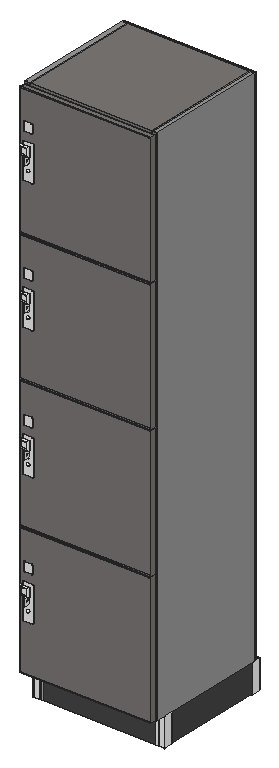
Revit family "Wood_Lockers_Hasps-Salsbury_Industries-18_44000_Series-1_Wide_Units.rfa", category Specialty Equipment, Revit 2016 (continued)
Definition of nested family "Premier Locker Doors_Hasp"
  Automatic sketch dimensions
    Extrusion 1 sketch curve to plane 4 "Left Side of Door" = 0.031"
    plane 5 "Right Side of Door" to Extrusion 1 sketch curve = 0.031"
    level to Extrusion 1 sketch curve = 0.031"
    plane 9 "Top of Door" to Extrusion 1 sketch curve = 0.031"
    Extrusion 2 sketch curve to plane 4 "Left Side of Door" = 0.031"
    plane 5 "Right Side of Door" to Extrusion 2 sketch curve = 0.031"
    level to Extrusion 2 sketch curve = 0.031"
    plane 9 "Top of Door" to Extrusion 2 sketch curve = 0.031"
    Extrusion 3 sketch curve to plane 4 "Left Side of Door" = 0.031"
    plane 5 "Right Side of Door" to Extrusion 3 sketch curve = 0.031"
    level to Extrusion 3 sketch curve = 0.031"
    plane 9 "Top of Door" to Extrusion 3 sketch curve = 0.031"
    plane 23 "Left Side of Door-Right Side of Trim" to Sweep 4 sketch curve = 0.000"
    plane 24 "Right Side of Door-Left Side of Trim" to Sweep 4 sketch curve = 0.000"  (x2)
    Sweep 4 sketch curve to plane 26 "Bottom of Door-Top of Trim" = 0.000"
    Sweep 4 sketch curve to plane 25 "Top of Door-Bottom of Trim" = 0.000"
    profile plane to Sweep 4 sketch curve = 0.125"
    Sweep 4 sketch curve to Sweep 4 sketch curve = 0.031"
    Sweep 4 sketch curve to plane 1 "Center (Front/Back)" = 0.375"
    plane 1 "Center (Front/Back)" to Sweep 4 sketch curve = 0.375"
    Extrusion 7 sketch curve to plane 33 = 0.000"
    Extrusion 7 sketch curve to plane 34 = 0.000"
    plane 36 to Extrusion 8 sketch curve = 0.000"
    Extrusion 8 sketch curve to Extrusion 8 sketch curve = 0.500"
    plane 35 "Top Hinge" to Extrusion 8 sketch curve = 0.250"
    Extrusion 8 sketch curve to plane 35 "Top Hinge" = 0.250"
    plane 36 to Extrusion 9 sketch curve = 0.000"
    Extrusion 9 sketch curve to Extrusion 9 sketch curve = 0.500"
    plane 37 "Bottom Hinge" to Extrusion 9 sketch curve = 0.250"
    Extrusion 9 sketch curve to plane 37 "Bottom Hinge" = 0.250"
    plane 36 to Extrusion 10 sketch curve = 0.000"
    Extrusion 10 sketch curve to Extrusion 10 sketch curve = 0.500"
    curve 4 to level = 0.000"
    plane 4 "Left Side of Door" to curve 4 = 0.000"
    plane 5 "Right Side of Door" to curve 3 = 0.000"
    curve 3 to plane 9 "Top of Door" = 0.000"
    Extrusion 5 sketch curve to plane 13 "Left Side of Number Tag" = 0.000"
    Extrusion 5 sketch curve to plane 12 "Bottom of Number Tag" = 0.000"
    Extrusion 5 sketch curve to plane 11 "Top of Number Tag" = 0.000"
    Extrusion 5 sketch curve to plane 14 "Right Side of Number Tag" = 0.000"
    Extrusion 6 sketch curve to plane 13 "Left Side of Number Tag" = 0.000"
    Extrusion 6 sketch curve to plane 12 "Bottom of Number Tag" = 0.000"
    Extrusion 6 sketch curve to plane 11 "Top of Number Tag" = 0.000"
    Extrusion 6 sketch curve to plane 14 "Right Side of Number Tag" = 0.000"
    Extrusion 11 sketch curve to plane 13 "Left Side of Number Tag" = 0.125"
    Extrusion 10 sketch curve to plane 10 "Center of Door" = 0.250"
    plane 10 "Center of Door" to Extrusion 10 sketch curve = 0.250"
    Extrusion 11 sketch curve to plane 21 "Bottom of Lock" = 0.125"
    plane 13 "Left Side of Number Tag" to Extrusion 5 sketch curve = 0.14916"
    Extrusion 5 sketch curve to Extrusion 5 sketch curve = 0.14916"  (x2)
    plane 13 "Left Side of Number Tag" to Extrusion 6 sketch curve = 0.14916"
    Extrusion 6 sketch curve to plane 12 "Bottom of Number Tag" = 0.14916"
    plane 13 "Left Side of Number Tag" to Extrusion 11 sketch curve = 0.000"  (x2)
    Extrusion 5 sketch curve to plane 12 "Bottom of Number Tag" = 0.14916"
    Extrusion 6 sketch curve to plane 14 "Right Side of Number Tag" = 0.14916"  (x2)
    plane 14 "Right Side of Number Tag" to Extrusion 11 sketch curve = 0.000"  (x2)
    Extrusion 12 sketch curve to plane 17 "Left Side of Lock" = 0.000"
    plane 13 "Left Side of Number Tag" to Extrusion 12 sketch curve = 0.000"  (x2)
    plane 14 "Right Side of Number Tag" to Extrusion 12 sketch curve = 0.000"  (x2)
    Extrusion 12 sketch curve to plane 20 "Top of Lock" = 0.000"
    Extrusion 12 sketch curve to plane 18 "Right Side of Lock" = 0.000"
    Extrusion 12 sketch curve to plane 21 "Bottom of Lock" = 0.125"
    plane 15 "Horizontal Center of Number Tag" to Sweep 14 sketch curve = 0.000"
    Sweep 14 sketch curve to plane 50 "Stud Alignment" = 0.000"
    Sweep 14 sketch curve to plane 7 "Front of Door" = 0.000"
    Sweep 14 sketch curve to profile plane = 0.000"
    profile plane to Sweep 14 sketch curve = 0.00168"
    profile plane to Sweep 14 sketch curve = 0.156"
    Sweep 14 sketch curve to plane 7 "Front of Door" = 0.03275"
    Extrusion 15 sketch curve to Extrusion 15 sketch curve = 0.000"  (x2)
    Extrusion 15 sketch curve to plane 50 "Stud Alignment" = 0.000"
    plane 15 "Horizontal Center of Number Tag" to Extrusion 15 sketch curve = 0.000"
    plane 15 "Horizontal Center of Number Tag" to Extrusion 15 sketch curve = 0.010"
    plane 13 "Left Side of Number Tag" to Sweep 16 sketch curve = 0.000"
    plane 14 "Right Side of Number Tag" to Sweep 16 sketch curve = 0.000"
    Sweep 16 sketch curve to plane 45 = 0.000"
    Sweep 16 sketch curve to plane 42 = 0.000"
    Sweep 16 sketch curve to plane 7 "Front of Door" = 0.000"
    profile plane to Sweep 16 sketch curve = 0.000"
    profile plane to Sweep 16 sketch curve = 0.22043"
    Sweep 16 sketch curve to Sweep 16 sketch curve = 0.01681"
    profile plane to Sweep 16 sketch curve = 0.33926"
    Sweep 16 sketch curve to Sweep 16 sketch curve = 0.14344"
    Sweep 16 sketch curve to Sweep 16 sketch curve = 0.15329"
    Sweep 16 sketch curve to Sweep 16 sketch curve = 0.59563"
    Sweep 16 sketch curve to Sweep 16 sketch curve = 0.24142"
    Sweep 16 sketch curve to Sweep 16 sketch curve = 0.00858"
    Sweep 16 sketch curve to Sweep 16 sketch curve = 0.51788"
    Sweep 16 sketch curve to Sweep 16 sketch curve = 0.31119"
    Sweep 16 sketch curve to Sweep 16 sketch curve = 0.11721"
    Sweep 16 sketch curve to Sweep 16 sketch curve = 0.01742"
    Sweep 16 sketch curve to Sweep 16 sketch curve = 0.06553"
    Sweep 16 sketch curve to Sweep 16 sketch curve = 0.000"
    Blend 17 sketch curve to plane 54 = 0.000"
    Blend 17 sketch curve to plane 55 = 0.000"
    Blend 17 sketch curve to plane 47 = 0.21496"
    plane 48 to Blend 17 sketch curve = 0.21496"
    plane 54 to Blend 17 sketch curve = 0.03267"
    Blend 17 sketch curve to plane 40 = 0.00461"
    Blend 17 sketch curve to plane 47 = 0.18235"
    plane 48 to Blend 17 sketch curve = 0.18227"
    Extrusion 18 sketch curve to plane 57 = 0.000"
    Extrusion 18 sketch curve to plane 58 = 0.000"
    plane 59 to Extrusion 19 sketch curve = 0.000"
    Extrusion 19 sketch curve to plane 22 "Front of Hasp Stud" = 0.16637"
    curve 29 to plane 14 "Right Side of Number Tag" = 0.000"
    curve 29 to plane 20 "Top of Lock" = 0.000"
    curve 30 to plane 18 "Right Side of Lock" = 0.000"
    curve 29 to plane 13 "Left Side of Number Tag" = 0.000"
    curve 31 to plane 42 = 0.000"
    curve 32 to plane 21 "Bottom of Lock" = 0.125"
    curve 34 to plane 14 "Right Side of Number Tag" = 0.000"
    curve 35 to plane 13 "Left Side of Number Tag" = 0.000"
    plane 15 "Horizontal Center of Number Tag" to curve 37 = 0.000"
    plane 47 to curve 37 = 0.000"
    plane 57 to curve 37 = 0.0599"
    curve 39 to plane 58 = 0.0661"
    curve 42 to plane 14 "Right Side of Number Tag" = 0.000"
    curve 41 to plane 13 "Left Side of Number Tag" = 0.000"
    curve 41 to plane 45 = 0.000"
    curve 43 to plane 42 = 0.000"
    curve 46 to plane 57 = 0.000"
    curve 46 to plane 15 "Horizontal Center of Number Tag" = 0.063"
    plane 15 "Horizontal Center of Number Tag" to curve 45 = 0.063"
    curve 47 to plane 58 = 0.000"
    curve 15 to plane 6 "Back of Door" = 0.000"
    plane 9 "Top of Door" to curve 15 = 0.000"
    plane 57 to curve 49 = 0.000"
    curve 51 to plane 56 "Front of Latch" = 0.000"
    plane 58 to curve 51 = 0.000"
    curve 17 to level = 0.000"
    plane 59 to curve 52 = 0.000"
    curve 53 to plane 22 "Front of Hasp Stud" = 0.16637"
    plane 7 "Front of Door" to curve 53 = 0.04137"
    plane 53 to curve 54 = 0.05633"
    curve 54 to plane 22 "Front of Hasp Stud" = 0.11642"
    plane 55 to curve 55 = 0.00161"
    curve 55 to plane 40 = 0.00465"
    plane 45 to curve 56 = 0.000"
    curve 56 to plane 39 "Front of Knob" = 0.01788"
    curve 56 to plane 40 = 0.08926"
    plane 55 to curve 57 = 0.000"
    curve 57 to plane 40 = 0.03757"
    plane 39 "Front of Knob" to curve 57 = 0.004"
    plane 42 to curve 60 = 0.000"
    curve 58 to plane 39 "Front of Knob" = 0.000"
    plane 54 to curve 58 = 0.000"
    plane 54 to curve 59 = 0.000"
    plane 55 to curve 58 = 0.000"
    curve 60 to plane 39 "Front of Knob" = 0.01788"
    curve 60 to plane 52 = 0.09774"
    plane 54 to curve 60 = 0.03261"
    plane 56 "Front of Latch" to curve 59 = 0.02711"
    plane 54 to curve 59 = 0.06553"
    plane 39 "Front of Knob" to curve 59 = 0.004"
    curve 61 to plane 54 = 0.00161"
    curve 61 to plane 22 "Front of Hasp Stud" = 0.11642"
    plane 6 "Back of Door" to curve 9 = 0.000"
    curve 6 to plane 4 "Left Side of Door" = 0.000"
    plane 7 "Front of Door" to curve 6 = 0.000"
    plane 7 "Front of Door" to curve 28 = 0.000"
    curve 67 to plane 14 "Right Side of Number Tag" = 0.000"
    curve 65 to plane 13 "Left Side of Number Tag" = 0.000"
    curve 66 to plane 39 "Front of Knob" = 0.000"
    curve 28 to plane 17 "Left Side of Lock" = 0.000"
    curve 28 to plane 18 "Right Side of Lock" = 0.000"
    curve 8 to plane 5 "Right Side of Door" = 0.000"
    curve 64 to plane 22 "Front of Hasp Stud" = 0.11642"
    curve 69 to plane 22 "Front of Hasp Stud" = 0.11642"
    curve 68 to plane 39 "Front of Knob" = 0.01788"
    curve 65 to plane 39 "Front of Knob" = 0.01788"
    curve 14 to plane 23 "Left Side of Door-Right Side of Trim" = 0.07537"
    plane 48 to curve 64 = 0.21657"
    plane 48 to curve 65 = 0.09774"
    plane 48 to curve 63 = 0.05633"
    curve 70 to plane 47 = 0.05633"
    curve 68 to plane 47 = 0.09774"
    curve 69 to curve 69 = 0.16024"
    curve 64 to curve 65 = 0.15655"
    curve 69 to curve 68 = 0.15655"
    plane 39 "Front of Knob" to curve 67 = 0.004"
    plane 33 to curve 14 = 0.250"
    curve 66 to curve 65 = 0.11721"
    curve 67 to plane 47 = 0.14943"
    curve 68 to curve 66 = 0.11721"
    curve 67 to curve 66 = 0.000"
    plane 39 "Front of Knob" to curve 71 = 0.004"
    curve 71 to curve 66 = 0.000"
    plane 48 to curve 71 = 0.14943"
    plane 1 "Center (Front/Back)" to curve 73 = 0.000"
    curve 73 to plane 4 "Left Side of Door" = 0.000"
    curve 73 to plane 60 = 0.000"
    plane 48 to Extrusion 13 sketch curve = 0.000"
    plane 15 "Horizontal Center of Number Tag" to Extrusion 13 sketch curve = 0.000"
    radius of Extrusion 7 sketch curve = 0.250"
    radius of Sweep 14 sketch curve = 0.010"
    radius of Extrusion 19 sketch curve = 0.250"
Definition of nested family "Wood Locker Bases"
  Parameters (values of type "Base - 18" W x 18" D Lockers")
    Width = 18.000"
    Visible Base = yes
    Visible = no
    Model = "Base - 18\" W x 18\" D Lockers"
    Manufacturer = "Salsbury Industries"
    Height = 4.000"
    Depth = 16.250"
    Base Secondary Material = none
    Base Primary Materials = none
    Base Hardware = none
  Types (8): name | Width | Visible Base | Visible | Model | Depth
    (no name) | 18.000" | yes | no | "Base - 18\" W x 18\" D Lockers" | 16.250"
    Base - 18" W x 18" D Lockers | 18.000" | yes | no | "Base - 18\" W x 18\" D Lockers" | 16.250"
    Base - 18" W x 21" D Lockers | 18.000" | yes | no | "Base - 18\" W x 21\" D Lockers" | 19.250"
    Base - 18" W x 24" D Lockers | 18.000" | yes | no | "Base - 18\" W x 24\" D Lockers" | 22.250"
    Base - 54" W x 18" D Lockers | 54.000" | yes | yes | "Base - 54\" W x 18\" D Lockers" | 16.250"
    Base - 54" W x 21" D Lockers | 54.000" | yes | yes | "Base - 54\" W x 21\" D Lockers" | 19.250"
    Base - 54" W x 24" D Lockers | 54.000" | yes | yes | "Base - 54\" W x 24\" D Lockers" | 22.250"
    None | 12.000" | no | no | "Base - 12\" W x 15\" D Lockers" | 13.250"
  Reference planes (in)
    plane 1 "Center (Front/Back)": y = 0
    plane 2: z = 0
    plane 3 "Center (Left/Right)": x = 0
    plane 4 "Left Edge": x = -9
    plane 5 "Right Edge": x = 9
    plane 6 "Back Edge": y = 8.125
    plane 7 "Front Edge": y = -8.125
    plane 8 "Bottom Edge": z = 0
    plane 9 "Top Edge": z = 4
    plane 10: x = -7.75
    plane 11: x = -7.102
    plane 12: y = 8.062
    plane 13: y = 7.3
    plane 14: x = -8.131
    plane 15: x = -8.256
    plane 16: x = -8.937
    plane 17: x = -8.175
    plane 18: y = 6.227
    plane 19: y = 6.875
    plane 20: y = 7.256
    plane 21: y = 7.381
    plane 22: x = -8.931
    plane 23: x = 8.931
    plane 24: y = 8.056
    plane 25: y = -8.056
    plane 26: y = 8.025
    plane 27: y = -8.025
    plane 28: x = -8.9
    plane 29: x = 8.9
    plane 30: x = -2.375
    plane 31: x = 2.375
  Forms (in)
    Extrusion 1, solid, material <- "Base Hardware", visible <- "Visible Base"
      sketch origin (0, 0, 0) x (1, 0, 0) y (0, 1, 0)
        loop
          arc (-8.96712, 8.125) -> (-8.99098, 8.11598) -> (-9, 8.09212) r 0.031
          line (-9, 8.09212) -> (-9, 6.9065)
          arc (-9, 6.9065) -> (-8.9685, 6.875) -> (-8.937, 6.9065) r 0.0315
          line (-8.937, 6.9065) -> (-8.937, 7.256) -> (-8.837, 7.256) -> (-8.837, 7.319) -> (-8.937, 7.319) -> (-8.937, 8.01465) -> (-8.256, 7.33365) -> (-8.256, 7.256) -> (-8.175, 7.256) -> (-8.175, 6.25833)
          arc (-8.175, 6.25833) -> (-8.14367, 6.227) -> (-8.11235, 6.25833) r 0.03133
          line (-8.11235, 6.25833) -> (-8.11235, 7.23703) -> (-7.13348, 7.23703)
          arc (-7.13348, 7.23703) -> (-7.102, 7.26852) -> (-7.13348, 7.3) r 0.03148
          line (-7.13348, 7.3) -> (-8.131, 7.3) -> (-8.131, 7.381) -> (-8.21422, 7.381) -> (-8.89522, 8.062) -> (-8.194, 8.062) -> (-8.194, 7.962) -> (-8.131, 7.962) -> (-8.131, 8.062) -> (-7.7814, 8.062)
          arc (-7.7814, 8.062) -> (-7.7499, 8.0935) -> (-7.7814, 8.125) r 0.0315
          line (-7.7814, 8.125) -> (-8.96712, 8.125)
      from 0 to 4
    Extrusion 2, solid, material <- "Base Hardware", visible <- "Visible Base"
      sketch origin (0, 0, 0) x (-1, 0, 0) y (0, -1, 0)
        loop
          line (-8.96712, -8.125) -> (-7.7814, -8.125)
          arc (-7.7814, -8.125) -> (-7.7499, -8.0935) -> (-7.7814, -8.062) r 0.0315
          line (-7.7814, -8.062) -> (-8.131, -8.062) -> (-8.131, -7.962) -> (-8.194, -7.962) -> (-8.194, -8.062) -> (-8.89522, -8.062) -> (-8.21422, -7.381) -> (-8.131, -7.381) -> (-8.131, -7.3) -> (-7.13348, -7.3)
          arc (-7.13348, -7.3) -> (-7.102, -7.26852) -> (-7.13348, -7.23703) r 0.03148
          line (-7.13348, -7.23703) -> (-8.11235, -7.23703) -> (-8.11235, -6.25833)
          arc (-8.11235, -6.25833) -> (-8.14367, -6.227) -> (-8.175, -6.25833) r 0.03133
          line (-8.175, -6.25833) -> (-8.175, -7.256) -> (-8.256, -7.256) -> (-8.256, -7.33365) -> (-8.937, -8.01465) -> (-8.937, -7.319) -> (-8.837, -7.319) -> (-8.837, -7.256) -> (-8.937, -7.256) -> (-8.937, -6.9065)
          arc (-8.937, -6.9065) -> (-8.9685, -6.875) -> (-9, -6.9065) r 0.0315
          line (-9, -6.9065) -> (-9, -8.09212)
          arc (-9, -8.09212) -> (-8.99098, -8.11598) -> (-8.96712, -8.125) r 0.031
      from 0 to 4
    Extrusion 3, solid, material <- "Base Hardware", visible <- "Visible Base"
      sketch origin (0, 0, 0) x (1, 0, 0) y (0, 1, 0)
        loop
          line (-8.96712, -8.125) -> (-7.7814, -8.125)
          arc (-7.7814, -8.125) -> (-7.7499, -8.0935) -> (-7.7814, -8.062) r 0.0315
          line (-7.7814, -8.062) -> (-8.131, -8.062) -> (-8.131, -7.962) -> (-8.194, -7.962) -> (-8.194, -8.062) -> (-8.89522, -8.062) -> (-8.21422, -7.381) -> (-8.131, -7.381) -> (-8.131, -7.3) -> (-7.13348, -7.3)
          arc (-7.13348, -7.3) -> (-7.102, -7.26852) -> (-7.13348, -7.23703) r 0.03148
          line (-7.13348, -7.23703) -> (-8.11235, -7.23703) -> (-8.11235, -6.25833)
          arc (-8.11235, -6.25833) -> (-8.14367, -6.227) -> (-8.175, -6.25833) r 0.03133
          line (-8.175, -6.25833) -> (-8.175, -7.256) -> (-8.256, -7.256) -> (-8.256, -7.33365) -> (-8.937, -8.01465) -> (-8.937, -7.319) -> (-8.837, -7.319) -> (-8.837, -7.256) -> (-8.937, -7.256) -> (-8.937, -6.9065)
          arc (-8.937, -6.9065) -> (-8.9685, -6.875) -> (-9, -6.9065) r 0.0315
          line (-9, -6.9065) -> (-9, -8.09212)
          arc (-9, -8.09212) -> (-8.99098, -8.11598) -> (-8.96712, -8.125) r 0.031
      from 0 to 4
    Extrusion 4, solid, material <- "Base Hardware", visible <- "Visible Base"
      sketch origin (0, 0, 0) x (-1, 0, 0) y (0, -1, 0)
        loop
          arc (-8.96712, 8.125) -> (-8.99098, 8.11598) -> (-9, 8.09212) r 0.031
          line (-9, 8.09212) -> (-9, 6.9065)
          arc (-9, 6.9065) -> (-8.9685, 6.875) -> (-8.937, 6.9065) r 0.0315
          line (-8.937, 6.9065) -> (-8.937, 7.256) -> (-8.837, 7.256) -> (-8.837, 7.319) -> (-8.937, 7.319) -> (-8.937, 8.01465) -> (-8.256, 7.33365) -> (-8.256, 7.256) -> (-8.175, 7.256) -> (-8.175, 6.25833)
          arc (-8.175, 6.25833) -> (-8.14367, 6.227) -> (-8.11235, 6.25833) r 0.03133
          line (-8.11235, 6.25833) -> (-8.11235, 7.23703) -> (-7.13348, 7.23703)
          arc (-7.13348, 7.23703) -> (-7.102, 7.26852) -> (-7.13348, 7.3) r 0.03148
          line (-7.13348, 7.3) -> (-8.131, 7.3) -> (-8.131, 7.381) -> (-8.21422, 7.381) -> (-8.89522, 8.062) -> (-8.194, 8.062) -> (-8.194, 7.962) -> (-8.131, 7.962) -> (-8.131, 8.062) -> (-7.7814, 8.062)
          arc (-7.7814, 8.062) -> (-7.7499, 8.0935) -> (-7.7814, 8.125) r 0.0315
          line (-7.7814, 8.125) -> (-8.96712, 8.125)
      from 0 to 4
    Extrusion 5, solid, material <- "Base Secondary Material", visible <- "Visible Base"
      sketch origin (0, 0, 0) x (0, -1, 0) y (1, 0, 0)
        loop
          line (-7.256, 8.9) -> (-7.256, 8.181) -> (7.25697, 8.181) -> (7.25697, 8.9) -> (-7.256, 8.9)
      from 0 to 4
    Extrusion 6, solid, material <- "Base Secondary Material", visible <- "Visible Base"
      sketch origin (0, 0, 0) x (0, -1, 0) y (1, 0, 0)
        loop
          line (-7.256, -8.9) -> (7.25697, -8.9) -> (7.25697, -8.181) -> (-7.256, -8.181) -> (-7.256, -8.9)
      from 0 to 4
    Extrusion 7, solid, material <- "Base Secondary Material", visible <- "Visible Base"
      sketch origin (-2.05521, 0.625, 0) x (1, 0, 0) y (0, 1, 0)
        loop
          line (-6.07579, 7.4) -> (-6.07579, 6.681) -> (10.18621, 6.681) -> (10.18621, 7.4) -> (-6.07579, 7.4)
      from 0 to 4
    Extrusion 8, solid, material <- "Base Secondary Material", visible <- "Visible Base"
      sketch origin (-2.05521, -0.625, 0) x (1, 0, 0) y (0, 1, 0)
        loop
          line (-6.07579, -7.4) -> (10.18621, -7.4) -> (10.18621, -6.681) -> (-6.07579, -6.681) -> (-6.07579, -7.4)
      from 0 to 4
    Extrusion 9, solid, material <- "Base Primary Materials", visible <- "Visible Base"
      sketch origin (0.76452, 0, 0) x (0, -1, 0) y (1, 0, 0)
        loop
          line (-7.256, 8.16648) -> (-7.256, 8.13548) -> (7.25697, 8.13548) -> (7.25697, 8.16648) -> (-7.256, 8.16648)
      from 0 to 4
    Extrusion 10, solid, material <- "Base Primary Materials", visible <- "Visible Base"
      sketch origin (-0.719, 0, 0) x (0, -1, 0) y (1, 0, 0)
        loop
          line (-7.256, -8.212) -> (7.25697, -8.212) -> (7.25697, -8.181) -> (-7.256, -8.181) -> (-7.256, -8.212)
      from 0 to 4
    Extrusion 11, solid, material <- "Base Primary Materials", visible <- "Visible Base"
      sketch origin (-2.05521, 1.344, 0) x (1, 0, 0) y (0, 1, 0)
        loop
          line (-6.07579, 6.718) -> (-6.07579, 6.681) -> (10.18621, 6.681) -> (10.18621, 6.718) -> (-6.07579, 6.718)
      from 0 to 4
    Extrusion 12, solid, material <- "Base Primary Materials", visible <- "Visible Base"
      sketch origin (-2.05521, -1.344, 0) x (1, 0, 0) y (0, 1, 0)
        loop
          line (-6.07579, -6.712) -> (10.18621, -6.712) -> (10.18621, -6.681) -> (-6.07579, -6.681) -> (-6.07579, -6.712)
      from 0 to 4
    Extrusion 13, solid, material <- "Base Secondary Material", visible <- "Visible"
      sketch origin (0, 0, 4) x (0, -1, 0) y (1, 0, 0)
        loop
          line (-7.306, -2.375) -> (7.306, -2.375) -> (7.306, 2.375) -> (-7.306, 2.375) -> (-7.306, -2.375)
      from 0 to -0.75
    Extrusion 14, solid, material <- "Base Secondary Material", visible <- "Visible"
      sketch origin (0, 0, 0) x (0, -1, 0) y (1, 0, 0)
        loop
          line (-7.306, -2.375) -> (-6.556, -2.375) -> (-6.556, 2.375) -> (-7.306, 2.375) -> (-7.306, -2.375)
      from 0 to 3.25
    Extrusion 15, solid, material <- "Base Secondary Material", visible <- "Visible"
      sketch origin (0, 0, 0) x (0, 1, 0) y (-1, 0, 0)
        loop
          line (-7.306, 2.375) -> (-7.306, -2.375) -> (-6.556, -2.375) -> (-6.556, 2.375) -> (-7.306, 2.375)
      from 0 to 3.25
  Dimensions and locks (in)
    equal spacing: plane 4 "Left Edge", plane 3 "Center (Left/Right)", plane 5 "Right Edge"
    "Width": plane 4 "Left Edge" to plane 5 "Right Edge"
    equal spacing: plane 7 "Front Edge", plane 1 "Center (Front/Back)", plane 6 "Back Edge"
    "Depth": plane 7 "Front Edge" to plane 6 "Back Edge"
    "Height": plane 9 "Top Edge" to plane 8 "Bottom Edge"
    locked: plane 4 "Left Edge" to plane 10 at 1.25
    locked: plane 4 "Left Edge" to plane 11 at 1.898
    locked: plane 12 to plane 6 "Back Edge" at 0.063
    plane 14 to plane 10 = 0.381"
    locked: plane 12 to plane 13 at 0.762
    locked: plane 4 "Left Edge" to plane 16 at 0.063
    locked: plane 16 to plane 17 at 0.762
    locked: plane 19 to plane 6 "Back Edge" at 1.25
    locked: plane 18 to plane 6 "Back Edge" at 1.898
    plane 15 to plane 17 = 0.081"
    plane 21 to plane 13 = 0.081"
    plane 19 to plane 20 = 0.381"
    plane 24 to plane 6 "Back Edge" = 0.069"
    plane 7 "Front Edge" to plane 25 = 0.069"
    plane 23 to plane 5 "Right Edge" = 0.069"
    plane 4 "Left Edge" to plane 22 = 0.069"
    plane 26 to plane 24 = 0.031"
    plane 25 to plane 27 = 0.031"
    plane 22 to plane 28 = 0.031"
    plane 29 to plane 23 = 0.031"
    plane 30 to plane 3 "Center (Left/Right)" to plane 31 = 2.375" locked, 2.375" locked
    aligned and locked: level to plane 2
    aligned and locked: plane 30 to Extrusion 13
    aligned and locked: plane 30 to Extrusion 14
    aligned and locked: plane 30 to Extrusion 15
    aligned and locked: Extrusion 13 to plane 31
    aligned and locked: Extrusion 14 to plane 31
    aligned and locked: Extrusion 15 to plane 31
  Automatic sketch dimensions
    Extrusion 1 sketch curve to plane 4 "Left Edge" = 0.000"
    plane 6 "Back Edge" to Extrusion 1 sketch curve = 0.000"
    Extrusion 1 sketch curve to plane 16 = 0.000"  (x2)
    Extrusion 1 sketch curve to plane 12 = 0.000"  (x2)
    plane 20 to Extrusion 1 sketch curve = 0.000"  (x2)
    Extrusion 1 sketch curve to plane 15 = 0.000"
    plane 21 to Extrusion 1 sketch curve = 0.000"
    Extrusion 1 sketch curve to plane 17 = 0.000"
    Extrusion 1 sketch curve to plane 14 = 0.000"  (x2)
    Extrusion 1 sketch curve to plane 13 = 0.000"
    Extrusion 1 sketch curve to plane 4 "Left Edge" = 0.03094"
    plane 16 to Extrusion 1 sketch curve = 0.03012"
    Extrusion 1 sketch curve to plane 28 = 0.00478"
    Extrusion 1 sketch curve to plane 28 = 0.063"
    plane 17 to Extrusion 1 sketch curve = 0.03922"
    plane 17 to Extrusion 1 sketch curve = 0.019"
    plane 14 to Extrusion 1 sketch curve = 0.01267"
    plane 10 to Extrusion 1 sketch curve = 0.0314"
    plane 11 to Extrusion 1 sketch curve = 0.03148"
    plane 20 to Extrusion 1 sketch curve = 0.01897"
    Extrusion 1 sketch curve to plane 19 = 0.0315"
    Extrusion 1 sketch curve to plane 18 = 0.03133"
    plane 13 to Extrusion 1 sketch curve = 0.019"
    plane 13 to Extrusion 1 sketch curve = 0.03365"
    plane 26 to Extrusion 1 sketch curve = 0.063"
    plane 26 to Extrusion 1 sketch curve = 0.01035"
    plane 12 to Extrusion 1 sketch curve = 0.03012"
    Extrusion 2 sketch curve to plane 5 "Right Edge" = 0.000"
    plane 6 "Back Edge" to Extrusion 2 sketch curve = 0.000"
    plane 20 to Extrusion 2 sketch curve = 0.000"  (x2)
    plane 12 to Extrusion 2 sketch curve = 0.000"  (x2)
    plane 21 to Extrusion 2 sketch curve = 0.000"
    plane 13 to Extrusion 2 sketch curve = 0.000"
    Extrusion 2 sketch curve to plane 5 "Right Edge" = 0.03094"
    Extrusion 2 sketch curve to Extrusion 2 sketch curve = 0.0315"
    Extrusion 2 sketch curve to Extrusion 2 sketch curve = 0.00194"
    plane 23 to Extrusion 2 sketch curve = 0.006"
    Extrusion 2 sketch curve to plane 29 = 0.00478"
    Extrusion 2 sketch curve to plane 29 = 0.063"
    Extrusion 2 sketch curve to plane 13 = 0.03365"
    Extrusion 2 sketch curve to Extrusion 2 sketch curve = 0.581"
    Extrusion 2 sketch curve to Extrusion 2 sketch curve = 0.04178"
    Extrusion 2 sketch curve to plane 26 = 0.063"
    Extrusion 2 sketch curve to Extrusion 2 sketch curve = 0.02022"
    plane 18 to Extrusion 2 sketch curve = 0.03133"
    Extrusion 2 sketch curve to plane 29 = 0.725"
    Extrusion 2 sketch curve to Extrusion 2 sketch curve = 0.03133"
    Extrusion 2 sketch curve to Extrusion 2 sketch curve = 0.063"
    Extrusion 2 sketch curve to Extrusion 2 sketch curve = 0.08322"
    Extrusion 2 sketch curve to Extrusion 2 sketch curve = 0.3496"
    Extrusion 2 sketch curve to Extrusion 2 sketch curve = 0.97886"
    plane 19 to Extrusion 2 sketch curve = 0.0315"
    Extrusion 2 sketch curve to plane 20 = 0.01897"
    Extrusion 2 sketch curve to plane 13 = 0.019"
    Extrusion 2 sketch curve to plane 26 = 0.01035"
    Extrusion 2 sketch curve to plane 12 = 0.03012"
    Extrusion 3 sketch curve to plane 4 "Left Edge" = 0.000"
    plane 7 "Front Edge" to Extrusion 3 sketch curve = 0.000"
    Extrusion 3 sketch curve to plane 16 = 0.000"  (x2)
    Extrusion 3 sketch curve to plane 15 = 0.000"
    Extrusion 3 sketch curve to plane 17 = 0.000"
    Extrusion 3 sketch curve to plane 14 = 0.000"  (x2)
    plane 4 "Left Edge" to Extrusion 3 sketch curve = 0.03094"
    Extrusion 3 sketch curve to plane 16 = 0.03012"
    plane 28 to Extrusion 3 sketch curve = 0.00478"
    plane 28 to Extrusion 3 sketch curve = 0.063"
    Extrusion 3 sketch curve to plane 17 = 0.03922"
    Extrusion 3 sketch curve to plane 17 = 0.019"
    Extrusion 3 sketch curve to plane 14 = 0.01267"
    Extrusion 3 sketch curve to plane 25 = 0.006"  (x2)
    Extrusion 3 sketch curve to plane 10 = 0.0314"
    Extrusion 3 sketch curve to plane 11 = 0.03148"
    plane 27 to Extrusion 3 sketch curve = 0.01035"
    plane 27 to Extrusion 3 sketch curve = 0.063"
    Extrusion 3 sketch curve to Extrusion 3 sketch curve = 0.581"
    Extrusion 3 sketch curve to Extrusion 3 sketch curve = 0.04735"
    Extrusion 3 sketch curve to Extrusion 3 sketch curve = 0.01465"
    Extrusion 3 sketch curve to Extrusion 3 sketch curve = 0.081"
    Extrusion 3 sketch curve to Extrusion 3 sketch curve = 0.03148"
    Extrusion 3 sketch curve to Extrusion 3 sketch curve = 0.044"
    Extrusion 3 sketch curve to Extrusion 3 sketch curve = 0.063"
    Extrusion 3 sketch curve to Extrusion 3 sketch curve = 0.3495"
    Extrusion 3 sketch curve to Extrusion 3 sketch curve = 0.97871"
    plane 7 "Front Edge" to Extrusion 3 sketch curve = 0.03288"
    Extrusion 4 sketch curve to plane 5 "Right Edge" = 0.000"
    plane 7 "Front Edge" to Extrusion 4 sketch curve = 0.000"
    plane 5 "Right Edge" to Extrusion 4 sketch curve = 0.03094"
    Extrusion 4 sketch curve to Extrusion 4 sketch curve = 0.0315"
    Extrusion 4 sketch curve to Extrusion 4 sketch curve = 0.00194"
    Extrusion 4 sketch curve to plane 23 = 0.006"
    plane 29 to Extrusion 4 sketch curve = 0.00478"
    plane 29 to Extrusion 4 sketch curve = 0.063"
    Extrusion 4 sketch curve to Extrusion 4 sketch curve = 0.581"
    Extrusion 4 sketch curve to Extrusion 4 sketch curve = 0.04178"
    Extrusion 4 sketch curve to plane 27 = 0.063"
    Extrusion 4 sketch curve to Extrusion 4 sketch curve = 0.02022"
    plane 29 to Extrusion 4 sketch curve = 0.725"
    Extrusion 4 sketch curve to Extrusion 4 sketch curve = 0.03133"
    Extrusion 4 sketch curve to Extrusion 4 sketch curve = 0.063"  (x2)
    Extrusion 4 sketch curve to Extrusion 4 sketch curve = 0.08322"
    plane 25 to Extrusion 4 sketch curve = 0.006"  (x2)
    Extrusion 4 sketch curve to Extrusion 4 sketch curve = 0.3496"
    Extrusion 4 sketch curve to plane 27 = 0.725"
    Extrusion 4 sketch curve to Extrusion 4 sketch curve = 0.97886"
    Extrusion 4 sketch curve to Extrusion 4 sketch curve = 0.03148"
    Extrusion 4 sketch curve to Extrusion 4 sketch curve = 0.044"
    Extrusion 4 sketch curve to Extrusion 4 sketch curve = 0.000"
    Extrusion 4 sketch curve to Extrusion 4 sketch curve = 0.3495"
    Extrusion 4 sketch curve to Extrusion 4 sketch curve = 0.97871"
    Extrusion 4 sketch curve to Extrusion 4 sketch curve = 0.07765"
    Extrusion 4 sketch curve to Extrusion 4 sketch curve = 0.081"
    Extrusion 4 sketch curve to plane 27 = 0.01035"
    Extrusion 4 sketch curve to plane 7 "Front Edge" = 0.03288"
    plane 20 to Extrusion 5 sketch curve = 0.000"
    Extrusion 5 sketch curve to plane 29 = 0.000"
    Extrusion 5 sketch curve to plane 27 = 0.76803"
    plane 29 to Extrusion 5 sketch curve = 0.719"
    plane 20 to Extrusion 6 sketch curve = 0.000"
    Extrusion 6 sketch curve to plane 28 = 0.000"
    plane 27 to Extrusion 6 sketch curve = 0.76803"
    Extrusion 6 sketch curve to plane 17 = 0.006"
    Extrusion 7 sketch curve to plane 14 = 0.000"
    plane 26 to Extrusion 7 sketch curve = 0.000"
    plane 29 to Extrusion 7 sketch curve = 0.769"
    plane 13 to Extrusion 7 sketch curve = 0.006"
    Extrusion 8 sketch curve to plane 14 = 0.000"
    plane 27 to Extrusion 8 sketch curve = 0.000"
    Extrusion 8 sketch curve to plane 29 = 0.769"
    plane 27 to Extrusion 8 sketch curve = 0.719"
    plane 20 to Extrusion 9 sketch curve = 0.000"
    Extrusion 9 sketch curve to plane 23 = 0.000"
    Extrusion 9 sketch curve to plane 29 = 0.000"
    Extrusion 9 sketch curve to plane 27 = 0.76803"
    plane 20 to Extrusion 10 sketch curve = 0.000"
    Extrusion 10 sketch curve to plane 22 = 0.000"
    Extrusion 10 sketch curve to plane 28 = 0.000"
    plane 27 to Extrusion 10 sketch curve = 0.76803"
    Extrusion 11 sketch curve to plane 14 = 0.000"
    plane 12 to Extrusion 11 sketch curve = 0.000"
    plane 26 to Extrusion 11 sketch curve = 0.000"
    plane 29 to Extrusion 11 sketch curve = 0.769"
    Extrusion 12 sketch curve to plane 14 = 0.000"
    plane 25 to Extrusion 12 sketch curve = 0.000"
    plane 27 to Extrusion 12 sketch curve = 0.000"
    Extrusion 12 sketch curve to plane 29 = 0.769"
    plane 13 to Extrusion 13 sketch curve = 0.006"
    Extrusion 13 sketch curve to plane 27 = 0.719"
    Extrusion 13 sketch curve to plane 11 = 4.727"
    plane 3 "Center (Left/Right)" to Extrusion 13 sketch curve = 2.375"
    plane 13 to Extrusion 14 sketch curve = 0.006"
    plane 19 to Extrusion 14 sketch curve = 0.319"
    Extrusion 14 sketch curve to plane 11 = 4.727"
    plane 3 "Center (Left/Right)" to Extrusion 14 sketch curve = 2.375"
    plane 27 to Extrusion 15 sketch curve = 0.719"
    Extrusion 15 sketch curve to Extrusion 15 sketch curve = 0.750"
    plane 11 to Extrusion 15 sketch curve = 4.727"
    Extrusion 15 sketch curve to plane 3 "Center (Left/Right)" = 2.375"
Definition of nested family "Wood Locker Sloping Hoods"
  Parameters (values of type "44257 - for 24" Deep Lockers (3 Wide)")
    Width = 45.000"
    Visible = yes
    Version = "1.0 (12/15/23)"
    Type Comments = "Sloping Hood for Premier Wod Lockers"
    Model = "44257"
    Manufacturer = "Salsbury Industries"
    Laminate Surface = none
    Height = 9.118"
    Description = "For 24\" D - 3 Wide Lockers"
    Depth = 23.625"
  Types (20): name | Width | Visible | Version | Type Comments | Model | Manufacturer | Height | Description | Depth
    (no name) | 45.000" | yes | "1.0 (12/15/23)" | "Sloping Hood for Premier Wod Lockers" | "44257" | "Salsbury Industries" | 9.118" | "For 24\" D - 3 Wide Lockers" | 23.625"
    44357 - for 15" Deep Lockers (1 Wide) | 12.000" | yes | "1.0 (12/15/23)" | "Sloping Hood for Premier Wood Lockers" | "44357" | "Salsbury Industries" | 5.743" | "For 15\" D - 1 Wide Lockers" | 14.625"
    44353 - for 18" Deep Lockers (1 Wide) | 12.000" | yes | "1.0 (12/15/23)" | "Sloping Hood for Premier Wood Lockers" | "44353" | "Salsbury Industries" | 6.868" | "For 18\" D - 1 Wide Lockers" | 17.625"
    44352 - for 21" Deep Lockers (1 Wide) | 12.000" | yes | "1.0 (12/15/23)" | "Sloping Hood for Premier Wood Lockers" | "44352" | "Salsbury Industries" | 7.993" | "For 21\" D - 1 Wide Lockers" | 20.625"
    44359 - for 15" Deep Lockers (3 Wide) | 36.000" | yes | "1.0 (12/15/23)" | "Sloping Hood for Premier Wood Lockers" | "44359" | "Salsbury Industries" | 5.743" | "For 15\" D - 3 Wide Lockers" | 14.625"
    44356 - for 18" Deep Lockers (3 Wide) | 36.000" | yes | "1.0 (12/15/23)" | "Sloping Hood for Premier Wood Lockers" | "44356" | "Salsbury Industries" | 6.868" | "For 18\" D - 3 Wide Lockers" | 17.625"
    44354 - for 21" Deep Lockers (3 Wide) | 36.000" | yes | "1.0 (12/15/23)" | "Sloping Hood for Premier Wood Lockers" | "44354" | "Salsbury Industries" | 7.993" | "For 21\" D - 3 Wide Lockers" | 20.625"
    44255 - for 24" Deep Lockers (1 Wide) | 15.000" | yes | "1.0 (12/15/23)" | "Sloping Hood for Premier Wood Lockers" | "44255" | "Salsbury Industries" | 9.118" | "For 24\" D - 1 Wood Lockers" | 23.625"
    44257 - for 24" Deep Lockers (3 Wide) | 45.000" | yes | "1.0 (12/15/23)" | "Sloping Hood for Premier Wod Lockers" | "44257" | "Salsbury Industries" | 9.118" | "For 24\" D - 3 Wide Lockers" | 23.625"
    44252 - for 21" Deep Lockers (1 Wide) | 15.000" | yes | "1.0 (12/15/23)" | "Sloping Hood for 15\" Wide Premier Wood Lockers" | "44252" | "Salsbury Industries" | 7.993" | "For 21\" D - 1 Wide Lockers" | 20.625"
    44254 - for 21" Deep Lockers (3 Wide) | 45.000" | yes | "1.0 (12/15/23)" | "Sloping Hood for 15\" Wide Premier Wood Lockers" | "44254" | "Salsbury Industries" | 7.993" | "For 21\" D - 3 Wide Lockers" | 20.625"
    44251 - for 18" Deep Lockers (1 Wide) | 15.000" | yes | "1.0 (12/15/23)" | "Sloping Hood for 15\"Wide Premier Wood Lockers" | "44251" | "Salsbury Industries" | 6.868" | "For 18\" D - 1 Wide Lockers" | 17.625"
    44253 - for 18" Deep Lockers (3 Wide) | 45.000" | yes | "1.0 (12/15/23)" | "Sloping Hood for 15\" Wide Premier Wood Lockers" | "44253" | "Salsbury Industries" | 6.868" | "For 18\" D - 3 Wide Lockers" | 17.625"
    None | 12.000" | no | "" | "" | "" | "" | 5.743" | "" | 14.625"
    44818 - for 18" Deep Lockers (1 Wide) | 18.000" | yes | "1.0 (12/15/23)" | "Sloping Hood for Premier Wood Lockers" | "44818" | "Salsbury Industries" | 6.868" | "For 18\" D - 1 Wide Lockers" | 17.625"
    44811 - for 21" Deep Lockers (1 Wide) | 18.000" | yes | "1.0 (12/15/23)" | "Sloping Hood for Premier Wood Lockers" | "44811" | "Salsbury Industries" | 7.993" | "For 21\" D - 1 Wide Lockers" | 20.625"
    44814 - for 24" Deep Lockers (1 Wide) | 18.000" | yes | "1.0 (12/15/23)" | "Sloping Hood for Premier Wood Lockers" | "44814" | "Salsbury Industries" | 9.118" | "For 24\" D - 1 Wide Lockers" | 23.625"
    44838 - for 18" Deep Lockers (3 Wide) | 54.000" | yes | "1.0 (12/15/23)" | "Sloping Hood for Premier Wood Lockers" | "44838" | "Salsbury Industries" | 6.868" | "For 18\" D - 3 Wide Lockers" | 17.625"
    44831 - for 21" Deep Lockers (3 Wide) | 54.000" | yes | "1.0 (12/15/23)" | "Sloping Hood for Premier Wood Lockers" | "44831" | "Salsbury Industries" | 7.993" | "For 21\" D - 3 Wide Lockers" | 20.625"
    44834 - for 24" Deep Lockers (3 Wide) | 54.000" | yes | "1.0 (12/15/23)" | "Sloping Hood for Premier Wood Lockers" | "834" | "Salsbury Industries" | 9.118" | "For 24\" D - 3 Wide Lockers" | 23.625"
  Reference planes (in)
    plane 1 "Center (Front/Back)": y = 0
    plane 2: z = 0
    plane 3 "Center (Left/Right)": x = 0
    plane 4 "Front of Hood": y = -11.8125
    plane 5 "Back of Hood": y = 11.8125
    plane 6 "Right Side of Hood": x = 22.5
    plane 7 "Left Side of Hood": x = -22.5
    plane 8 "Bottom of Hood": z = 0
    plane 9 "Top of Hood": z = 9.118
    plane 10: x = 21.75
    plane 11: x = -21.75
    plane 12: y = -11.7815
    plane 13: y = -11.0625
    plane 14: z = 9.087
    plane 15: z = 8.368
    plane 16: z = 0.062
    plane 17: z = 0.75
  Forms (in)
    Extrusion 1, solid, visible <- "Visible"
      sketch origin (22.5, 0.37227, 0) x (0, -1, 0) y (0, 0, 1)
        loop
          line (-0.26039, 4.07368) -> (-0.26039, 0) -> (0.37227, 0) -> (0.37227, 3.83066) -> (-0.26039, 4.07368)
      from 0 to 45
    Extrusion 2, solid, visible <- "Visible"
      sketch origin (0, 0, 0) x (0, 1, 0) y (0, 0, 1)
        loop
          line (-9.97273, 0) -> (11.8125, 8.368) -> (11.8125, 9.087) -> (-11.73269, 0.062) -> (-11.7815, 0.062) -> (-11.7815, 0) -> (-9.97273, 0)
      from -22.5 to 22.5
    Extrusion 3, solid, material <- "Laminate Surface", visible <- "Visible"
      sketch origin (0, 0, 0) x (0, 1, 0) y (0, 0, 1)
        loop
          line (-11.8125, 0.062) -> (-11.8125, 0) -> (-11.7815, 0) -> (-11.7815, 0.062) -> (-11.8125, 0.062)
      from -22.5 to 22.5
    Extrusion 4, solid, material <- "Laminate Surface", visible <- "Visible"
      sketch origin (0, 0, 0) x (0, 1, 0) y (0, 0, 1)
        loop
          line (11.8125, 9.118) -> (-11.8125, 0.062) -> (-11.73269, 0.062) -> (11.8125, 9.087) -> (11.8125, 9.118)
      from -22.5 to 22.5
  Dimensions and locks (in)
    equal spacing: plane 7 "Left Side of Hood", plane 3 "Center (Left/Right)", plane 6 "Right Side of Hood"
    "Width": plane 7 "Left Side of Hood" to plane 6 "Right Side of Hood"
    equal spacing: plane 4 "Front of Hood", plane 1 "Center (Front/Back)", plane 5 "Back of Hood"
    "Depth": plane 4 "Front of Hood" to plane 5 "Back of Hood"
    "Height": plane 9 "Top of Hood" to plane 8 "Bottom of Hood"
    plane 7 "Left Side of Hood" to plane 11 = 0.750"
    plane 10 to plane 6 "Right Side of Hood" = 0.750"
    plane 4 "Front of Hood" to plane 12 to plane 13 = 0.031" locked, 0.719" locked
    plane 15 to plane 14 to plane 9 "Top of Hood" = 0.719" locked, 0.031" locked
    locked: plane 16 to plane 8 "Bottom of Hood" at 0.062
    locked: plane 17 to plane 8 "Bottom of Hood" at 0.75
    aligned and locked: level to plane 2
    aligned and locked: Extrusion 2 to plane 6 "Right Side of Hood"
    aligned and locked: plane 7 "Left Side of Hood" to Extrusion 2
    aligned and locked: plane 7 "Left Side of Hood" to Extrusion 4
    aligned and locked: Extrusion 4 to plane 6 "Right Side of Hood"
    aligned and locked: Extrusion 3 to plane 6 "Right Side of Hood"
    aligned and locked: plane 7 "Left Side of Hood" to Extrusion 3
    aligned and locked: Extrusion 2 to Extrusion 1 sketch curve
    aligned and locked: plane 7 "Left Side of Hood" to Extrusion 1
    aligned and locked: Extrusion 1 to plane 6 "Right Side of Hood"
  Automatic sketch dimensions
    Extrusion 3 sketch curve to level = 0.000"
    Extrusion 3 sketch curve to plane 4 "Front of Hood" = 0.000"
    Extrusion 3 sketch curve to plane 12 = 0.000"
    plane 16 to Extrusion 3 sketch curve = 0.000"
    Extrusion 4 sketch curve to plane 4 "Front of Hood" = 0.000"
    plane 16 to Extrusion 4 sketch curve = 0.000"
    Extrusion 4 sketch curve to plane 5 "Back of Hood" = 0.000"
    plane 14 to Extrusion 4 sketch curve = 0.000"
    plane 9 "Top of Hood" to Extrusion 4 sketch curve = 0.000"
    Extrusion 4 sketch curve to plane 12 = 0.04881"
    Extrusion 2 sketch curve to level = 0.000"
    Extrusion 2 sketch curve to plane 12 = 0.000"
    plane 16 to Extrusion 2 sketch curve = 0.000"
    Extrusion 2 sketch curve to plane 5 "Back of Hood" = 0.000"
    plane 15 to Extrusion 2 sketch curve = 0.000"
    plane 14 to Extrusion 2 sketch curve = 0.000"
    Extrusion 2 sketch curve to plane 13 = 1.08977"
    Extrusion 2 sketch curve to plane 12 = 0.04881"
    Extrusion 1 sketch curve to level = 0.000"
    Extrusion 1 sketch curve to plane 1 "Center (Front/Back)" = 0.000"
    Extrusion 1 sketch curve to Extrusion 1 sketch curve = 0.24302"
Definition of nested family "Wood Locker Sloping Corner Fillers"
  Parameters (values of type "44479 - for 24" D Lockers")
    Width = 25.875"
    Visible = yes
    Version = "1.0 (12/15/23)"
    Type Comments = "Sloping Hood Corner Filler for Premier Wood Lockers"
    Model = "44489"
    Manufacturer = "Salsbury Industries"
    Laminate Surface = none
    Height = 9.118"
    Description = "For 24\" D Lockers"
    Depth = 25.875"
  Types (6): name | Width | Visible | Version | Type Comments | Model | Manufacturer | Height | Description | Depth
    (no name) | 25.875" | yes | "1.0 (12/15/23)" | "Sloping Hood Corner Filler for Premier Wood Lockers" | "44489" | "Salsbury Industries" | 9.118" | "For 24\" D Lockers" | 25.875"
    44477 - for 15" D Lockers | 16.875" | yes | "1.0 (12/15/23)" | "Sloping Hood Corner Filler for Premier Wood Lockers" | "44487" | "Salsbury Industries" | 5.743" | "For 15\" D Lockers" | 16.875"
    44478 - for 18" D Lockers | 19.875" | yes | "1.0 (12/15/23)" | "Sloping Hood Corner Filler for Premier Wood Lockers" | "44488" | "Salsbury Industries" | 6.868" | "For 18\" D Lockers" | 19.875"
    44471 - for 21" D Lockers | 22.875" | yes | "1.0 (12/15/23)" | "Sloping Hood Corner Filler for Premier Wood Lockers" | "44481" | "Salsbury Industries" | 7.993" | "For 21\" D Lockers" | 22.875"
    44479 - for 24" D Lockers | 25.875" | yes | "1.0 (12/15/23)" | "Sloping Hood Corner Filler for Premier Wood Lockers" | "44489" | "Salsbury Industries" | 9.118" | "For 24\" D Lockers" | 25.875"
    None | 16.875" | no | "" | "" | "" | "" | 5.743" | "" | 16.875"
  Reference planes (in)
    plane 1 "Center (Front/Back)": y = -0.8125
    plane 2: z = 0
    plane 3 "Center (Left/Right)": x = 0.8125
    plane 4 "Front of Hood": y = -11.5
    plane 5 "Right Side of Hood": x = 11.5
    plane 6 "Bottom of Hood": z = 0
    plane 7 "Black Trim Line": y = -11.469
    plane 8: z = 0.062
    plane 9: z = 0.75
    plane 10 "New Back of Hood": y = 12.125
    plane 11 "New Front of Hood": y = -13.75
    plane 12 "New Left Side": x = -12.125
    plane 13 "New Right Side": x = 13.75
    plane 14 "Top": z = 9.118
    plane 15: x = 11.469
  Forms (in)
    Extrusion 1, solid, visible <- "Visible"
      sketch origin (0.8125, 0, 0) x (0, 1, 0) y (0, 0, 1)
        loop
          line (-9.66023, 0) -> (12.125, 8.36937) -> (12.125, 9.087) -> (-11.42019, 0.062) -> (-11.469, 0.062) -> (-11.469, 0) -> (-9.66023, 0)
      from -12.9375 to 12.9375
    Extrusion 2, solid, material <- "Laminate Surface", visible <- "Visible"
      sketch origin (0.8125, 0, 0.00023) x (0, 1, 0) y (0, 0, 1)
        loop
          line (12.125, 9.11777) -> (-11.5, 0.06177) -> (-11.42019, 0.06177) -> (12.125, 9.08677) -> (12.125, 9.11777)
      from -12.9375 to 12.9375
    Extrusion 3, void
      sketch origin (0, 0, 0) x (0, -1, 0) y (1, 0, 0)
        loop
          line (11.5, 11.5) -> (-12.125, -12.125) -> (11.5, -12.125) -> (11.5, 11.5)
      from 0 to 9.118
    Extrusion 4, solid, material <- "Laminate Surface", visible <- "Visible"
      sketch origin (13.75, 0, 0) x (0, -1, 0) y (0, 0, 1)
        loop
          line (11.5, 0) -> (11.5, 0.062) -> (11.469, 0.062) -> (11.469, 0) -> (11.5, 0)
      from 0 to 2.25
    Extrusion 5, solid, visible <- "Visible"
      sketch origin (-1.125, -0.8125, 0) x (1, 0, 0) y (0, 0, 1)
        loop
          line (10.78523, 0) -> (12.594, 0) -> (12.594, 0.062) -> (12.54519, 0.062) -> (-11, 9.087) -> (-11, 8.36937) -> (10.78523, 0)
      from -12.9375 to 12.9375
    Extrusion 6, solid, material <- "Laminate Surface", visible <- "Visible"
      sketch origin (-1.125, -0.8125, 0) x (1, 0, 0) y (0, 0, 1)
        loop
          line (-11, 9.118) -> (-11, 9.087) -> (12.54519, 0.062) -> (12.625, 0.062) -> (-11, 9.118)
      from -12.9375 to 12.9375
    Extrusion 7, solid, material <- "Laminate Surface", visible <- "Visible"
      sketch origin (0, -11.5, 0) x (1, 0, 0) y (0, 0, 1)
        loop
          line (11.5, 0) -> (11.5, 0.062) -> (11.469, 0.062) -> (11.469, 0) -> (11.5, 0)
      from 0 to 2.25
    Extrusion 8, void
      sketch origin (13.75, 0, 0) x (0, -1, 0) y (0, 0, 1)
        loop
          line (-12.125, 0) -> (9.66023, 0) -> (-12.125, 8.36937) -> (-12.125, 0)
      from 0 to 25.875
  Cuts and joins
    Extrusion 3, Extrusion 8 cuts Extrusion 1
    Extrusion 3 cuts Extrusion 2
    Extrusion 8 cuts Extrusion 5
    Extrusion 8 cuts Extrusion 6
  Dimensions and locks (in)
    locked: plane 4 "Front of Hood" to plane 7 "Black Trim Line" at 0.031
    locked: plane 8 to plane 6 "Bottom of Hood" at 0.062
    locked: plane 9 to plane 6 "Bottom of Hood" at 0.75
    "Height": plane 14 "Top" to plane 6 "Bottom of Hood"
    "Width": plane 12 "New Left Side" to plane 13 "New Right Side"
    "Depth": plane 11 "New Front of Hood" to plane 10 "New Back of Hood"
    equal spacing: plane 12 "New Left Side", plane 3 "Center (Left/Right)", plane 13 "New Right Side"
    equal spacing: plane 11 "New Front of Hood", plane 1 "Center (Front/Back)", plane 10 "New Back of Hood"
    locked: plane 5 "Right Side of Hood" to plane 13 "New Right Side" at 2.25
    locked: plane 11 "New Front of Hood" to plane 4 "Front of Hood" at 2.25
    locked: plane 15 to plane 5 "Right Side of Hood" at 0.031
    aligned and locked: level to plane 2
    aligned and locked: plane 12 "New Left Side" to Extrusion 3
    aligned and locked: Extrusion 2 to plane 13 "New Right Side"
    aligned and locked: plane 12 "New Left Side" to cut or joined group of Extrusion 2, Extrusion 3
    aligned and locked: cut or joined group of Extrusion 2, Extrusion 3 to plane 10 "New Back of Hood"
    aligned and locked: plane 12 "New Left Side" to cut or joined group of Extrusion 1, Extrusion 3, Extrusion 8
    aligned and locked: cut or joined group of Extrusion 1, Extrusion 3, Extrusion 8 to plane 13 "New Right Side"
    aligned and locked: cut or joined group of Extrusion 1, Extrusion 3, Extrusion 8 to plane 10 "New Back of Hood"  (x2)
    aligned and locked: plane 4 "Front of Hood" to cut or joined group of Extrusion 2, Extrusion 3
    aligned and locked: Extrusion 3 to cut or joined group of Extrusion 2, Extrusion 3
    aligned and locked: plane 13 "New Right Side" to cut or joined group of Extrusion 1, Extrusion 3, Extrusion 8
    aligned and locked: plane 5 "Right Side of Hood" to Extrusion 4
    aligned and locked: Extrusion 8 to Extrusion 1  (x2)
    aligned and locked: Extrusion 1 to Extrusion 8
    aligned and locked: cut or joined group of Extrusion 1, Extrusion 3, Extrusion 8 to Extrusion 6
    aligned and locked: plane 11 "New Front of Hood" to Extrusion 6
    aligned and locked: plane 12 "New Left Side" to Extrusion 6
    aligned and locked: plane 11 "New Front of Hood" to Extrusion 5
    aligned and locked: plane 12 "New Left Side" to Extrusion 5
    aligned and locked: cut or joined group of Extrusion 1, Extrusion 3, Extrusion 8 to Extrusion 5
  Automatic sketch dimensions
    Extrusion 1 sketch curve to level = 0.000"
    Extrusion 1 sketch curve to plane 7 "Black Trim Line" = 0.000"
    plane 8 to Extrusion 1 sketch curve = 0.000"
    Extrusion 1 sketch curve to plane 10 "New Back of Hood" = 0.000"
    Extrusion 1 sketch curve to Extrusion 1 sketch curve = 0.04881"
    Extrusion 1 sketch curve to Extrusion 1 sketch curve = 1.75996"
    plane 14 "Top" to Extrusion 1 sketch curve = 0.74863"
    plane 14 "Top" to Extrusion 1 sketch curve = 0.031"
    Extrusion 2 sketch curve to plane 4 "Front of Hood" = 0.000"
    plane 8 to Extrusion 2 sketch curve = 0.000"
    Extrusion 2 sketch curve to plane 10 "New Back of Hood" = 0.000"
    plane 14 "Top" to Extrusion 2 sketch curve = 0.000"
    Extrusion 2 sketch curve to plane 7 "Black Trim Line" = 0.04881"
    plane 14 "Top" to Extrusion 2 sketch curve = 0.031"
    plane 10 "New Back of Hood" to Extrusion 3 sketch curve = 0.000"
    plane 4 "Front of Hood" to Extrusion 3 sketch curve = 0.000"
    Extrusion 3 sketch curve to plane 12 "New Left Side" = 0.000"
    Extrusion 3 sketch curve to plane 5 "Right Side of Hood" = 0.000"
    Extrusion 4 sketch curve to level = 0.000"
    Extrusion 4 sketch curve to plane 7 "Black Trim Line" = 0.000"
    Extrusion 4 sketch curve to plane 4 "Front of Hood" = 0.000"
    plane 8 to Extrusion 4 sketch curve = 0.000"
    Extrusion 5 sketch curve to level = 0.000"
    Extrusion 5 sketch curve to plane 8 = 0.000"
    plane 14 "Top" to Extrusion 5 sketch curve = 0.031"
    Extrusion 5 sketch curve to plane 12 "New Left Side" = 0.000"
    plane 5 "Right Side of Hood" to Extrusion 5 sketch curve = 1.83977"
    plane 5 "Right Side of Hood" to Extrusion 5 sketch curve = 0.07981"
    Extrusion 5 sketch curve to Extrusion 5 sketch curve = 0.04881"
    Extrusion 5 sketch curve to Extrusion 5 sketch curve = 0.71763"
    plane 14 "Top" to Extrusion 6 sketch curve = 0.000"
    Extrusion 6 sketch curve to plane 8 = 0.000"
    Extrusion 6 sketch curve to plane 12 "New Left Side" = 0.000"
    plane 5 "Right Side of Hood" to Extrusion 6 sketch curve = 0.07981"
    Extrusion 6 sketch curve to Extrusion 6 sketch curve = 0.07981"
    plane 14 "Top" to Extrusion 6 sketch curve = 0.031"
    Extrusion 7 sketch curve to level = 0.000"
    plane 15 to Extrusion 7 sketch curve = 0.000"
    plane 5 "Right Side of Hood" to Extrusion 7 sketch curve = 0.000"
    Extrusion 7 sketch curve to plane 8 = 0.000"
    Extrusion 8 sketch curve to plane 10 "New Back of Hood" = 0.000"
    Extrusion 8 sketch curve to level = 0.000"
    Extrusion 8 sketch curve to plane 7 "Black Trim Line" = 1.80877"
    plane 14 "Top" to Extrusion 8 sketch curve = 0.74863"
Definition of nested family "Wood Locker Flat Corner Fillers"
  Parameters (values of type "44437 - for 15" D Lockers")
    Width = 16.875"
    Visible = yes
    Version = "1.0 (12/15/23)"
    Type Comments = "Flat Top Corner Filler for Premier Wood Lockers"
    Model = "44437"
    Manufacturer = "Salsbury Industries"
    Laminate Surface = none
    Height = 0.750"
    Description = "For 15\" D Lockers"
    Depth = 16.875"
  Types (6): name | Width | Visible | Version | Type Comments | Model | Manufacturer | Description | Depth
    (no name) | 16.875" | yes | "1.0 (12/15/23)" | "Flat Top Corner Filler for Premier Wood Lockers" | "44437" | "Salsbury Industries" | "For 15\" D Lockers" | 16.875"
    44437 - for 15" D Lockers | 16.875" | yes | "1.0 (12/15/23)" | "Flat Top Corner Filler for Premier Wood Lockers" | "44437" | "Salsbury Industries" | "For 15\" D Lockers" | 16.875"
    None | 15.000" | no | "" | "" | "" | "" | "" | 13.250"
    44438 - for 18" D Lockers | 19.875" | yes | "1.0 (12/15/23)" | "Flat Top Corner Filler for Premier Wood Lockers" | "44438" | "Salsbury Industries" | "For 18\" D Lockers" | 19.875"
    44431 - for 21" D Lockers | 22.875" | yes | "1.0 (12/15/23)" | "Flat Top Corner Filler for Premier Wood Lockers" | "44431" | "Salsbury Industries" | "For 21\" D Lockers" | 22.875"
    44439 - for 24" D Lockers | 25.875" | yes | "1.0 (12/15/23)" | "Flat Top Corner Filler for Premier Wood Lockers" | "44439" | "Salsbury Industries" | "For 24\" D Lockers" | 25.875"
  Reference planes (in)
    plane 1 "Center (Front/Back)": y = 0
    plane 2: z = 0
    plane 3 "Center (Left/Right)": x = 0
    plane 4 "Right Side": x = 8.4375
    plane 5 "Left Side": x = -8.4375
    plane 6 "Front Side": y = -8.4375
    plane 7 "Back Side": y = 8.4375
    plane 8 "Bottom": z = 0
    plane 9 "Top Side": z = 0.75
    plane 10 "Wood - Laminate Line": z = 0.719
    plane 11: x = -5.4375
    plane 12: y = -5.4375
  Forms (in)
    Extrusion 1, solid, visible <- "Visible"
      sketch origin (0, 0, 0) x (0, -1, 0) y (1, 0, 0)
        loop
          line (-8.4375, -8.4375) -> (5.4375, -8.4375) -> (5.4375, -5.4375) -> (8.4375, -5.4375) -> (8.4375, 8.4375) -> (-8.4375, 8.4375) -> (-8.4375, -8.4375)
      from 0 to 0.719
    Extrusion 2, solid, material <- "Laminate Surface", visible <- "Visible"
      sketch origin (0, 0, 0.75) x (1, 0, 0) y (0, 1, 0)
        loop
          line (-8.4375, -5.4375) -> (-5.4375, -5.4375) -> (-5.4375, -8.4375) -> (8.4375, -8.4375) -> (8.4375, 8.4375) -> (-8.4375, 8.4375) -> (-8.4375, -5.4375)
      from -0.031 to 0
  Dimensions and locks (in)
    equal spacing: plane 6 "Front Side", plane 1 "Center (Front/Back)", plane 7 "Back Side"
    equal spacing: plane 5 "Left Side", plane 3 "Center (Left/Right)", plane 4 "Right Side"
    "Width": plane 5 "Left Side" to plane 4 "Right Side"
    "Depth": plane 6 "Front Side" to plane 7 "Back Side"
    "Height": plane 9 "Top Side" to plane 8 "Bottom"
    locked: plane 9 "Top Side" to plane 10 "Wood - Laminate Line" at 0.031
    locked: plane 6 "Front Side" to plane 12 at 3
    locked: plane 5 "Left Side" to plane 11 at 3
    plane 12 to plane 7 "Back Side" = 13.875"
    aligned and locked: level to plane 2
  Automatic sketch dimensions
    Extrusion 2 sketch curve to plane 5 "Left Side" = 0.000"
    plane 6 "Front Side" to Extrusion 2 sketch curve = 0.000"
    Extrusion 2 sketch curve to plane 11 = 0.000"
    Extrusion 2 sketch curve to plane 4 "Right Side" = 0.000"
    Extrusion 2 sketch curve to plane 12 = 0.000"
    plane 7 "Back Side" to Extrusion 2 sketch curve = 0.000"
    Extrusion 1 sketch curve to plane 5 "Left Side" = 0.000"
    plane 7 "Back Side" to Extrusion 1 sketch curve = 0.000"
    Extrusion 1 sketch curve to plane 12 = 0.000"
    Extrusion 1 sketch curve to plane 4 "Right Side" = 0.000"
    plane 6 "Front Side" to Extrusion 1 sketch curve = 0.000"
    Extrusion 1 sketch curve to plane 11 = 0.000"
Definition of nested family "Wood Locker Side Panels-No Slope"
  Parameters (values of type "44237 - 6' H for 24"D Lockers")
    Width = 23.625"
    Visible = yes
    Version = "1.0 (12/15/23)"
    Type Comments = "Side Panel for Premier Wood Lockers without Sloping Hood"
    Model = "44237"
    Manufacturer = "Salsbury Industries"
    Laminate Surface = none
    Height = 72.000"
    Door Trim = none
    Description = "6' H for 21\" D Lockers"
    Depth = 0.750"
  Types (6): name | Width | Visible | Version | Type Comments | Model | Manufacturer | Description
    (no name) | 23.625" | yes | "1.0 (12/15/23)" | "Side Panel for Premier Wood Lockers without Sloping Hood" | "44237" | "Salsbury Industries" | "6' H for 21\" D Lockers"
    44330 - 6' H for 15"D Lockers | 14.625" | yes | "1.0 (12/15/23)" | "Side Panel for Premier Wood Lockers without Sloping Hood" | "44330" | "Salsbury Industries" | "6' H for 15\" D Lockers"
    44333 - 6' H for 18" D Lockers | 17.625" | yes | "1.0 (12/15/23)" | "Side Panel for Premier Wood Lockers withouth Sloping Hood" | "44333" | "Salsbury Industries" | "6' H for 18\" D Lockers"
    44335 - 6' H for 21" D Lockers | 20.625" | yes | "1.0 (12/15/23)" | "Side Panel for Premier Wood Lockers without Sloping Hood" | "44335" | "Salsbury Industries" | "6' H for 21\" D Lockers"
    None | 14.000" | no | "" | "" | "" | "" | ""
    44237 - 6' H for 24"D Lockers | 23.625" | yes | "1.0 (12/15/23)" | "Side Panel for Premier Wood Lockers without Sloping Hood" | "44237" | "Salsbury Industries" | "6' H for 21\" D Lockers"
  Reference planes (in)
    plane 1 "Center (Front/Back)": y = 0
    plane 2: z = 0
    plane 3 "Center (Left/Right)": x = 0
    plane 4 "Back": y = 0.375
    plane 5 "Front": y = -0.375
    plane 6 "Left Side": x = -11.8125
    plane 7 "Right Side": x = 11.8125
    plane 8 "Bottom": z = 0
    plane 9 "Top": z = 72
    plane 10 "Center Elevation": z = 36
    plane 11 "Wood - Laminate Edge": y = -0.344
    plane 12 "Right Side of Wood": x = 11.7815
    plane 13 "Left Side of Wood": x = -11.7815
    plane 14 "Top of Wood": z = 71.969
    plane 15 "Bottom of Wood": z = 0.031
  Forms (in)
    Extrusion 1, solid, visible <- "Visible"
      sketch origin (0, 0.375, 0) x (1, 0, 0) y (0, 0, 1)
        loop
          line (11.7815, 71.969) -> (-11.7815, 71.969) -> (-11.7815, 0.031) -> (11.7815, 0.031) -> (11.7815, 71.969)
      from 0 to 0.719
    Extrusion 2, solid, material <- "Laminate Surface", visible <- "Visible"
      sketch origin (0, -0.375, 0) x (1, 0, 0) y (0, 0, 1)
        loop
          line (-11.8125, 72) -> (-11.8125, 0) -> (11.8125, 0) -> (11.8125, 72) -> (-11.8125, 72)
      from -0.031 to 0
    Extrusion 3, solid, material <- "Laminate Surface", visible <- "Visible"
      sketch origin (0, 0, 0) x (1, 0, 0) y (0, 0, 1)
        loop
          line (-11.8125, 0) -> (11.8125, 0) -> (11.8125, 72) -> (-11.8125, 72) -> (-11.8125, 0)
        loop
          line (-11.7815, 0.031) -> (11.7815, 0.031) -> (11.7815, 71.969) -> (-11.7815, 71.969) -> (-11.7815, 0.031)
      from -0.375 to 0.344
  Dimensions and locks (in)
    equal spacing: plane 6 "Left Side", plane 3 "Center (Left/Right)", plane 7 "Right Side"
